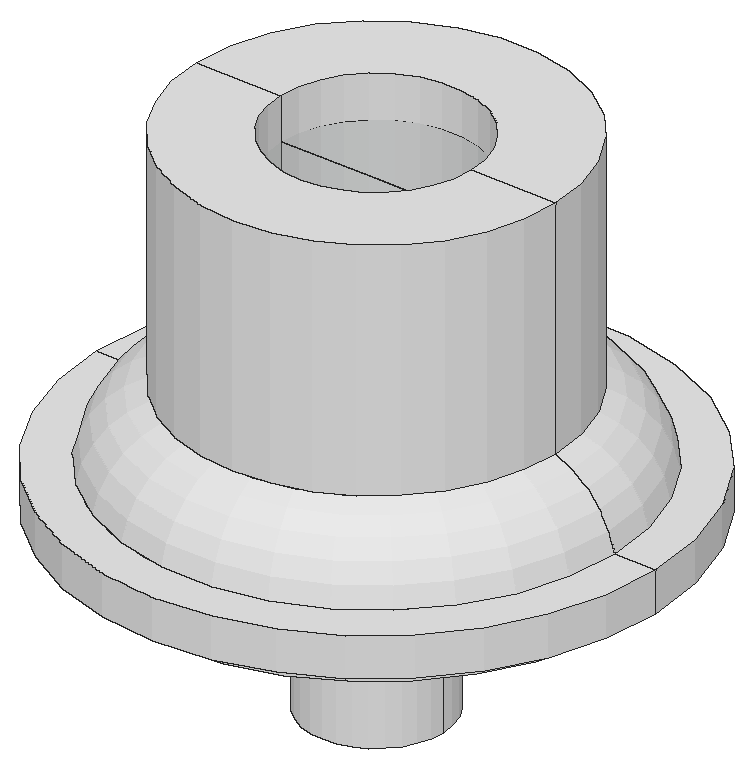
Revit family "Lighting_Device-Daylight_Harvesting-Hubbell_Wiring-DH", category Lighting Devices, host Face, Revit 2015
Parameters (values of type "DHIP")
  Voltage = 120 V
  URL = "http://www.hubbell-wiring.com"
  Sensor Type = "Blue-enhanced photo diode"  # constant formula
  Product data url = "https://bimobject.com/hubbellwiring/product/hubbell-dh"
  Product Page URL = "http://www.hubbell-wiring.com/press/pdfs/WLDSHM009.pdf"
  Product Material = Plastic - Hubbell - White
  Product Documentation Link = "http://ecatalog.hubbell-wiring.com/productinformation/CustomerDrawingLibraryAssets/3A/1/M11310.pdf"
  Power Factor = 1
  Operating Temperature = "-13°F to +140°F (-11°C – 60°C)"  # constant formula
  Number of Poles = 1
  Model = "DHSP"
  Load Classification = Other
  Lens Filter = Glass - Hubbell - Dome Opaque
  Daylight Harvesting = DHIP : Indoor Photocell Sensor
  Connector Description 2 = "Controls"  # constant formula
  Connector Description 1 = "Power Supply"  # constant formula
  Certifications = "cULus listed to UL 773A"  # constant formula
  Manufacturer = "Hubbell Wiring Device-Kellems"  # constant formula
  Description = "Skylight Photocell Sensor Min. = 2 fc. / Factory Set Max. = 1000 fc."
  Default Elevation = 48.00"
  Apparent Load = 0 VA
Types (4): name | Model | Lens Filter | Daylight Harvesting | Description
  DHIP | "DHSP" | Glass - Hubbell - Dome Opaque | DHIP : Indoor Photocell Sensor | "Skylight Photocell Sensor Min. = 2 fc. / Factory Set Max. = 1000 fc."
  DHOP | "DHOP" | Glass - Hubbell - Dome Opaque | DHOP : Outdoor Photocell Sensor | "Outdoor Photocell Sensor Min. = 0 fc. / Factory Set Max. = 250 fc."
  DHAP | "DHAP" | Glass - Hubbell - Dome Opaque | DHAP : Atrium Photocell Sensor | "Atrium Photocell Sensor Min. = 2 fc. / Factory Set Max. = 1000 fc."
  DHSP | "DHSP" | Glass - Hubbell - Fresnel Clear | DHSP : Skylight Photocell Sensor | "Skylight Photocell Sensor Min. = 2 fc. / Factory Set Max. = 1000 fc."
Reference planes (in)
  plane 1 "Center (Front/Back)": y = 0
  plane 2: z = 0
  plane 3 "Center (Left/Right)": x = 0
Dimensions and locks (in)
  aligned and locked: plane 2 to host face
  aligned and locked: level to host face
  aligned and locked: plane 3 "Center (Left/Right)" to nested 1
  aligned and locked: plane 1 "Center (Front/Back)" to nested 1
Nested families (in)
  nested 1: "DHIP" at (0, 0, 0), type <- "Daylight Harvesting", type "Indoor Photocell Sensor"
Connectors (in)
  electrical at (0, 0, 0), driven by "Voltage", driven by "Connector Description 1", driven by "Apparent Load", driven by "Load Classification", driven by "Power Factor", driven by "Number of Poles"
    settings: on nested 1, index 1, voltage 120 V, apparent load 0 VA, apparent load phase1 0 VA, apparent load phase2 0 VA, apparent load phase3 0 VA, power factor 1, load classification "Other", number of poles 1, system type 30, power factor state 1, is connector primary yes, connector utility no, sub classification motor no, connector description "Power Supply"
  electrical at (0.42969, 0, 0.05014), driven by "Connector Description 2"
    settings: on nested 1, index 2, voltage 0 V, apparent load 0 VA, apparent load phase1 0 VA, apparent load phase2 0 VA, apparent load phase3 0 VA, power factor 1, load classification "Other", number of poles 1, system type 13, power factor state 1, is connector primary no, connector utility no, sub classification motor no, connector description "Controls"
Definition of nested family "DHIP"
  Parameters
    URL = "http://www.hubbell-wiring.com"
    Product Page URL = "http://www.hubbell-wiring.com/press/pdfs/WLDSHM009.pdf"
    Product Material = none
    Product Documentation Link = "http://ecatalog.hubbell-wiring.com/productinformation/CustomerDrawingLibraryAssets/3A/1/M11310.pdf"
    Model = "DHIP"
    Lens Filter = none
    Certifications = "cULus listed to UL 773A"  # constant formula
    Manufacturer = "Hubbell Wiring Device-Kellems"  # constant formula
    Description = "Hubbell’s daylighting control photocell sensors (DHIP, DHOP, DHAP and DHSP) and the DHCM photocell controller provide indoor, outdoor, or skylight control of lighting circuits based on natural daylight."  # constant formula
    Default Elevation = 48.00"
  Reference planes (in)
    plane 1 "Center (Front/Back)": y = 0
    plane 2: z = 0
    plane 3 "Center (Left/Right)": x = 0
    plane 4: x = -0.995
    plane 5: x = 0.995
    plane 6: x = -0.64
    plane 7: x = 0.64
    plane 8: x = 0.33934
    plane 9: x = 0.23934
    plane 10: x = -0.33934
    plane 11: x = -0.23934
    plane 12: z = 1.23437
    plane 13: z = -0.5957
    plane 14: z = 0.05014
    plane 15: z = 0.18821
    plane 16: z = 0.43596
    plane 17: z = 1.08703
    plane 18: z = 0.37563
  Forms (in)
    Extrusion 1, solid
      sketch origin (0, 0, 0) x (1, 0, 0) y (0, 1, 0)
        loop
          line (-48, 48) -> (-48, -48) -> (48, -48) -> (48, 48) -> (-48, 48)
      from 0 to -12
    Revolve 2, solid, material <- "Product Material"
      sketch origin (0, 0, 0) x (1, 0, 0) y (0, 0, 1)
        loop
          line (0.17515, -0.5957) -> (0.23934, -0.5957) -> (0.23934, 0) -> (0.92044, 0) -> (0.92044, 0.05014) -> (0.995, 0.05014) -> (0.995, 0.18821) -> (0.84789, 0.18821)
          arc (0.84789, 0.18821) -> (0.77699, 0.33981) -> (0.64, 0.43596) r 0.32468
          line (0.64, 0.43596) -> (0.64, 1.23438) -> (0.33934, 1.23438) -> (0.33934, 0.37563) -> (0, 0.37563) -> (0, 0) -> (0.17515, 0) -> (0.17515, -0.5957)
        axis (0, 1.23438) -> (0, -0.5957)
      angle from 0 to 360
    Revolve 3, solid, material <- "Lens Filter"
      sketch origin (0, 0, 0) x (1, 0, 0) y (0, 0, 1)
        loop
          line (0, 1.08703) -> (0, 0.37563) -> (0.33934, 0.37563) -> (0.33934, 1.08703) -> (0, 1.08703)
        axis (0, 1.08703) -> (0, 0.37563)
      angle from 0 to 360
  Lines and regions (in)
    symbolic lines
      curve 1: arc (0.995, 0, 0) -> (0, 0.995, 0) -> (-0.995, 0, 0) r 0.995
      curve 2: arc (-0.995, 0, 0) -> (0, -0.995, 0) -> (0.995, 0, 0) r 0.995
      curve 3: arc (0.64, 0, 0) -> (0, 0.64, 0) -> (-0.64, 0, 0) r 0.64
      curve 4: arc (-0.64, 0, 0) -> (0, -0.64, 0) -> (0.64, 0, 0) r 0.64
      curve 5: arc (0.33934, 0, 0) -> (0, 0.33934, 0) -> (-0.33934, 0, 0) r 0.33934
      curve 6: arc (-0.33934, 0, 0) -> (0, -0.33934, 0) -> (0.33934, 0, 0) r 0.33934
  Dimensions and locks (in)
    equal spacing: plane 5, plane 3 "Center (Left/Right)", plane 4
    equal spacing: plane 7, plane 3 "Center (Left/Right)", plane 6
    plane 3 "Center (Left/Right)" to plane 4 = 0.995"
    equal spacing: plane 8, plane 3 "Center (Left/Right)", plane 10
    equal spacing: plane 9, plane 3 "Center (Left/Right)", plane 11
    plane 12 to plane 13 = 1.83008"
    locked: plane 12 to plane 17 at 0.14734
    locked: plane 16 to plane 18 at 0.06033
    aligned and locked: plane 2 to Extrusion 1
    aligned and locked: level to Extrusion 1
    aligned and locked: Revolve 2 sketch curve to plane 3 "Center (Left/Right)"
    aligned and locked: Revolve 2 sketch curve to plane 5
    aligned and locked: Revolve 2 sketch curve to plane 7
    aligned and locked: plane 8 to Revolve 2 sketch curve
    aligned and locked: plane 12 to Revolve 2 sketch curve
    aligned and locked: Revolve 2 sketch curve to Revolve 2 sketch curve
    aligned and locked: Revolve 2 sketch curve to plane 13
    aligned and locked: Revolve 2 sketch curve to plane 9
    aligned and locked: Revolve 2 sketch curve to level
    aligned and locked: plane 14 to Revolve 2
    aligned and locked: plane 15 to Revolve 2
    aligned and locked: plane 16 to Revolve 2
    aligned and locked: plane 18 to Revolve 2
    aligned and locked: Revolve 3 sketch curve to plane 17
    aligned and locked: plane 3 "Center (Left/Right)" to Revolve 3 sketch curve
    aligned and locked: Revolve 3 sketch curve to Revolve 2  (x2)
    aligned and locked: Revolve 3 sketch curve to plane 3 "Center (Left/Right)"
  Automatic sketch dimensions
    Extrusion 1 sketch curve to Extrusion 1 sketch curve = 96.00"  (x2)
    Revolve 2 sketch curve to level = 0.00"
    Revolve 2 sketch curve to Revolve 2 sketch curve = 0.06419"
    plane 7 to Revolve 2 sketch curve = 0.11173"
    Revolve 2 sketch curve to Revolve 2 sketch curve = 0.14711"
    plane 5 to Revolve 2 sketch curve = 0.07456"
    Revolve 2 sketch curve to plane 13 = 23.4043"
    level to Revolve 2 sketch curve = 0.05014"
    level to Revolve 2 sketch curve = 0.13111"
    Revolve 2 sketch curve to Revolve 2 sketch curve = 0.13807"
    Revolve 2 sketch curve to Revolve 2 sketch curve = 0.37563"
    plane 12 to Revolve 2 sketch curve = 101.48445"
    Revolve 3 sketch curve to level = 0.00"
    plane 12 to Revolve 3 sketch curve = 0.28676"
    plane 1 "Center (Front/Back)" to curve 2 = 0.00"
    curve 2 to plane 4 = 0.00"
    curve 2 to plane 3 "Center (Left/Right)" = 0.00"
    curve 1 to curve 3 = 0.00"  (x2)
    curve 4 to plane 6 = 0.00"
    curve 1 to curve 5 = 0.00"  (x2)
    curve 5 to plane 10 = 0.00"
